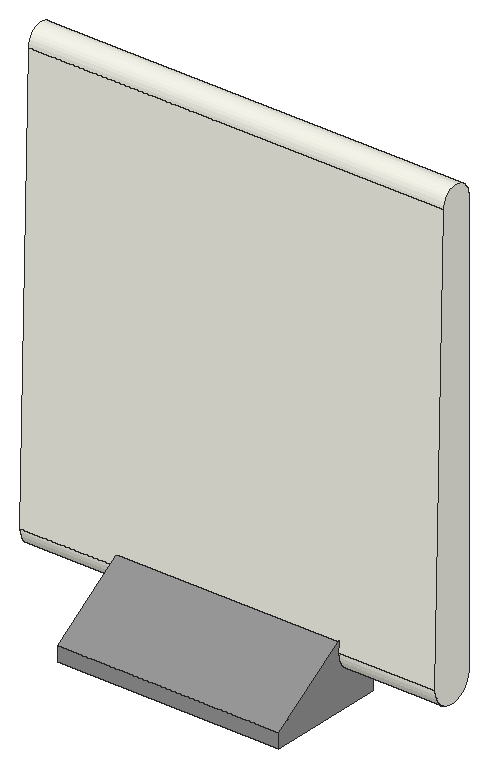
Revit family "KEUCO_34983010037", category Allgemeines Modell, Revit 2016
Family settings
  Teiletyp = Normal
  Kann Basisbauteil für Bewehrung sein = Nein
  Bemaßung runder Anschluss = Durchmesser verwenden
  Arbeitsebenenbasiert = Ja
  Immer vertikal = Nein
  Beim Laden mit Abzugskörper schneiden = Nein
  Gemeinsam genutzt = Nein
  Raumberechnungspunkt = Nein
Parameters (values of type "34983010038")
  Verwendung = "CA / DU"  # constant formula
  URL = "https://www.keuco.com/de/produkte/sortiment/artikel/?pid=34983&oid=3&pgo=18&country=de&lang=de&vid=34983010038"
  Default Elevation = 1219.2 mm
  Preisgruppe = ""
  Material Regal = Weiß (RAL 9010)
  Serie = "Plan"  # constant formula
  Materialien bei Hersteller anfragen = "Anfrage zu:  objektmanagement@keuco.de"
  Rahmen Material = Stahl, verchromt
  Länge = 450 mm
  Kategorie = "ACC"  # constant formula
  Hersteller = "KEUCO"  # constant formula
  Tiefe = 537 mm
  Gewicht = 0.522
  Beschreibung = "zur Wandmontage\r\nSoftsitz nach oben klappbar"
  Assembly Code = ""
  Ausschreibungstext = "KEUCO PLAN CARE Klappsitz 34983010038\r\nlichtgrauer (RAL 7035) Klappsitz \r\naus Polyurethan-Schaum, zur Wandmontage \r\nin ästhetischem, funktionalem Design, \r\nfür sicheres Sitzen im Duschbereich,\r\nWandhalter und Sitzträger als Design-Element hochglanzverchromt,\r\nantistatisch, leichte Reinigung ,\r\nkann mit max. 60%-igen Ethanol- \r\noder Propanol-Lösungen desinfiziert werden, \r\nandere Desinfektionsmittel empfehlen sich nicht,\r\nnach oben klappbarer Sitz belastbar bis 150 kg,\r\nBreite 450 mm, Länge der Sitzfläche 500 mm,\r\nAusladung 537 mm,\r\nDer Sitz wird verdeckt angebracht \r\n\r\nDas Befestigungsmaterial ist separat zu bestellen!\r\n\r\nZur Montage (je nach Ankergrund/Mauerwerk) \r\nunbedingt erforderlich:\r\n3 x Befestigungs-Set 3 (Artikel-Nr. 34992000100)\r\noder\r\n3 x Befestigungs-Set 6 (Artikel-Nr. 34992000200)\r\noder\r\n3 x Befestigungs-Set 9 (Artikel-Nr. 34995000200)\r\noder\r\n3 x Befestigungs-Set 11 (Artikel-Nr. 34997000100)"
  Artikelnummer = "34983010038"
Types (6, lengths in mm): name | URL | Material Regal | Materialien bei Hersteller anfragen | Rahmen Material | Ausschreibungstext | Artikelnummer
  34983010037 | "https://www.keuco.com/de/produkte/sortiment/artikel/?pid=34983&oid=3&pgo=18&country=de&lang=de&vid=34983010037" | Schwarzgrau | "Request to:  objektmanagement@keuco.de" | Stahl, verchromt | "KEUCO PLAN CARE Klappsitz 34983010037\r\nschwarzgrauer (RAL 7021) Klappsitz \r\naus Polyurethan-Schaum, zur Wandmontage \r\nin ästhetischem, funktionalem Design, \r\nfür sicheres Sitzen im Duschbereich,\r\nWandhalter und Sitzträger als Design-Element hochglanzverchromt,\r\nantistatisch, leichte Reinigung ,\r\nkann mit max. 60%-igen Ethanol- \r\noder Propanol-Lösungen desinfiziert werden, \r\nandere Desinfektionsmittel empfehlen sich nicht,\r\nnach oben klappbarer Sitz belastbar bis 150 kg,\r\nBreite 450 mm, Länge der Sitzfläche 500 mm,\r\nAusladung 537 mm,\r\nDer Sitz wird verdeckt angebracht \r\n\r\nDas Befestigungsmaterial ist separat zu bestellen!\r\n\r\nZur Montage (je nach Ankergrund/Mauerwerk) \r\nunbedingt erforderlich:\r\n3 x Befestigungs-Set 3 (Artikel-Nr. 34992000100)\r\noder\r\n3 x Befestigungs-Set 6 (Artikel-Nr. 34992000200)\r\noder\r\n3 x Befestigungs-Set 9 (Artikel-Nr. 34995000200)\r\noder\r\n3 x Befestigungs-Set 11 (Artikel-Nr. 34997000100)" | "34983010037"
  34983010038 | "https://www.keuco.com/de/produkte/sortiment/artikel/?pid=34983&oid=3&pgo=18&country=de&lang=de&vid=34983010038" | Weiß (RAL 9010) | "Anfrage zu:  objektmanagement@keuco.de" | Stahl, verchromt | "KEUCO PLAN CARE Klappsitz 34983010038\r\nlichtgrauer (RAL 7035) Klappsitz \r\naus Polyurethan-Schaum, zur Wandmontage \r\nin ästhetischem, funktionalem Design, \r\nfür sicheres Sitzen im Duschbereich,\r\nWandhalter und Sitzträger als Design-Element hochglanzverchromt,\r\nantistatisch, leichte Reinigung ,\r\nkann mit max. 60%-igen Ethanol- \r\noder Propanol-Lösungen desinfiziert werden, \r\nandere Desinfektionsmittel empfehlen sich nicht,\r\nnach oben klappbarer Sitz belastbar bis 150 kg,\r\nBreite 450 mm, Länge der Sitzfläche 500 mm,\r\nAusladung 537 mm,\r\nDer Sitz wird verdeckt angebracht \r\n\r\nDas Befestigungsmaterial ist separat zu bestellen!\r\n\r\nZur Montage (je nach Ankergrund/Mauerwerk) \r\nunbedingt erforderlich:\r\n3 x Befestigungs-Set 3 (Artikel-Nr. 34992000100)\r\noder\r\n3 x Befestigungs-Set 6 (Artikel-Nr. 34992000200)\r\noder\r\n3 x Befestigungs-Set 9 (Artikel-Nr. 34995000200)\r\noder\r\n3 x Befestigungs-Set 11 (Artikel-Nr. 34997000100)" | "34983010038"
  34983010051 | "https://www.keuco.com/de/produkte/sortiment/artikel/?pid=34983&oid=3&pgo=18&country=de&lang=de&vid=34983010051" | Weiß (RAL 9010) | "Request to:  objektmanagement@keuco.de" | Stahl, verchromt | "KEUCO PLAN CARE Klappsitz 34983010051\r\nweißer (RAL 9010) Klappsitz \r\naus Polyurethan-Schaum, zur Wandmontage \r\nin ästhetischem, funktionalem Design, \r\nfür sicheres Sitzen im Duschbereich,\r\nWandhalter und Sitzträger als Design-Element hochglanzverchromt,\r\nantistatisch, leichte Reinigung ,\r\nkann mit max. 60%-igen Ethanol- \r\noder Propanol-Lösungen desinfiziert werden, \r\nandere Desinfektionsmittel empfehlen sich nicht,\r\nnach oben klappbarer Sitz belastbar bis 150 kg,\r\nBreite 450 mm, Länge der Sitzfläche 500 mm,\r\nAusladung 537 mm,\r\nDer Sitz wird verdeckt angebracht \r\n\r\nDas Befestigungsmaterial ist separat zu bestellen!\r\n\r\nZur Montage (je nach Ankergrund/Mauerwerk) \r\nunbedingt erforderlich:\r\n3 x Befestigungs-Set 3 (Artikel-Nr. 34992000100)\r\noder\r\n3 x Befestigungs-Set 6 (Artikel-Nr. 34992000200)\r\noder\r\n3 x Befestigungs-Set 9 (Artikel-Nr. 34995000200)\r\noder\r\n3 x Befestigungs-Set 11 (Artikel-Nr. 34997000100)" | "34983010051"
  34983170037 | "https://www.keuco.com/de/produkte/sortiment/artikel/?pid=34983&oid=3&pgo=18&country=de&lang=de&vid=34983170037" | Schwarzgrau | "Request to:  objektmanagement@keuco.de" | Aluminium 1100-H18 | "KEUCO PLAN CARE Klappsitz 34983170037\r\nschwarzgrauer (RAL 7021) Klappsitz \r\naus Polyurethan-Schaum, zur Wandmontage \r\nin ästhetischem, funktionalem Design, \r\nfür sicheres Sitzen im Duschbereich,\r\nWandhalter und Sitzträger als Design-Element \r\naus lackiertem Aluminium,\r\nantistatisch, leichte Reinigung ,\r\nkann mit max. 60%-igen Ethanol- \r\noder Propanol-Lösungen desinfiziert werden, \r\nandere Desinfektionsmittel empfehlen sich nicht,\r\nnach oben klappbarer Sitz belastbar bis 150 kg,\r\nBreite 450 mm, Länge der Sitzfläche 500 mm,\r\nAusladung 537 mm,\r\nDer Sitz wird verdeckt angebracht \r\n\r\nDas Befestigungsmaterial ist separat zu bestellen!\r\n\r\nZur Montage (je nach Ankergrund/Mauerwerk) \r\nunbedingt erforderlich:\r\n3 x Befestigungs-Set 3 (Artikel-Nr. 34992000100)\r\noder\r\n3 x Befestigungs-Set 6 (Artikel-Nr. 34992000200)\r\noder\r\n3 x Befestigungs-Set 9 (Artikel-Nr. 34995000200)\r\noder\r\n3 x Befestigungs-Set 11 (Artikel-Nr. 34997000100)" | "34983170037"
  34983170038 | "https://www.keuco.com/de/produkte/sortiment/artikel/?pid=34983&oid=3&pgo=18&country=de&lang=de&vid=34983170038" | Lichtgrau (RAL 7035) | "Request to:  objektmanagement@keuco.de" | Aluminium 1100-H18 | "KEUCO PLAN CARE Klappsitz 34983170038\r\nlichtgrauer (RAL 7035) Klappsitz \r\naus Polyurethan-Schaum, zur Wandmontage \r\nin ästhetischem, funktionalem Design, \r\nfür sicheres Sitzen im Duschbereich,\r\nWandhalter und Sitzträger als Design-Element \r\naus lackiertem Aluminium,\r\nantistatisch, leichte Reinigung ,\r\nkann mit max. 60%-igen Ethanol- \r\noder Propanol-Lösungen desinfiziert werden, \r\nandere Desinfektionsmittel empfehlen sich nicht,\r\nnach oben klappbarer Sitz belastbar bis 150 kg,\r\nBreite 450 mm, Länge der Sitzfläche 500 mm,\r\nAusladung 537 mm,\r\nDer Sitz wird verdeckt angebracht \r\n\r\nDas Befestigungsmaterial ist separat zu bestellen!\r\n\r\nZur Montage (je nach Ankergrund/Mauerwerk) \r\nunbedingt erforderlich:\r\n3 x Befestigungs-Set 3 (Artikel-Nr. 34992000100)\r\noder\r\n3 x Befestigungs-Set 6 (Artikel-Nr. 34992000200)\r\noder\r\n3 x Befestigungs-Set 9 (Artikel-Nr. 34995000200)\r\noder\r\n3 x Befestigungs-Set 11 (Artikel-Nr. 34997000100)" | "34983170038"
  34983170051 | "https://www.keuco.com/de/produkte/sortiment/artikel/?pid=34983&oid=3&pgo=18&country=de&lang=de&vid=34983170051" | Lichtgrau (RAL 7035) | "Request to:  objektmanagement@keuco.de" | Aluminium 1100-H18 | "KEUCO PLAN CARE Klappsitz 34983170051\r\nweißer (RAL 9010) Klappsitz \r\naus Polyurethan-Schaum, zur Wandmontage \r\nin ästhetischem, funktionalem Design, \r\nfür sicheres Sitzen im Duschbereich,\r\nWandhalter und Sitzträger als Design-Element \r\naus lackiertem Aluminium,\r\nantistatisch, leichte Reinigung ,\r\nkann mit max. 60%-igen Ethanol- \r\noder Propanol-Lösungen desinfiziert werden, \r\nandere Desinfektionsmittel empfehlen sich nicht,\r\nnach oben klappbarer Sitz belastbar bis 150 kg,\r\nBreite 450 mm, Länge der Sitzfläche 500 mm,\r\nAusladung 537 mm,\r\nDer Sitz wird verdeckt angebracht \r\n\r\nDas Befestigungsmaterial ist separat zu bestellen!\r\n\r\nZur Montage (je nach Ankergrund/Mauerwerk) \r\nunbedingt erforderlich:\r\n3 x Befestigungs-Set 3 (Artikel-Nr. 34992000100)\r\noder\r\n3 x Befestigungs-Set 6 (Artikel-Nr. 34992000200)\r\noder\r\n3 x Befestigungs-Set 9 (Artikel-Nr. 34995000200)\r\noder\r\n3 x Befestigungs-Set 11 (Artikel-Nr. 34997000100)" | "34983170051"
Reference planes
  plane 1 "Center (Front/Back)": y = 0
  plane 2: z = 0
  plane 3 "Center (Left/Right)": x = 0
  plane 4: x = -225
  plane 5: x = 225
  plane 6: z = 537
Forms (mm)
  Extrusion 1, solid, material "Stahl, verchromt" <- "Rahmen Material"
    sketch origin (0, 0, 0) x (0, 1, 0) y (0, 0, 1)
      loop
        line (2.391, 0) -> (2.391, 65)
        arc (2.391, 65) -> (-6.575, 81.492) -> (-25.34, 80.969) r 17.947
        line (-25.34, 80.969) -> (-125.6, 15.534) -> (-125.6, 0) -> (2.391, 0)
    from -120.264 to 119.833
  Extrusion 2, solid, material "Weiß (RAL 9010)" <- "Material Regal"
    sketch origin (0, 0, 0) x (0, 1, 0) y (0, 0, 1)
      loop
        arc (0, 520.125) -> (-17.075, 536.681) -> (-33.095, 519.103) r 16.563
        line (-33.095, 519.103) -> (-45, 57)
        arc (-45, 57) -> (-22.5, 34.5) -> (0, 57) r 22.5
        line (0, 57) -> (0, 520.125)
    from -225 to 225
Lines and regions (mm)
  symbolic lines, style "GenericModel"
    curve 1: line (-225, 0, 536.688) -> (225, 0, 536.688)
    curve 2: line (-225, 0, 34.5) -> (-225, 0, 536.688)
    curve 3: line (-160.264, 0, 34.5) -> (-225, 0, 34.5)
    curve 4: line (225, 0, 536.688) -> (225, 0, 34.5)
    curve 9: line (225, 0, 34.5) -> (159.833, 0, 34.5)
  symbolic lines, style "GenericModel", detail levels fine
    curve 5: line (-160.264, 0, 65) -> (159.833, 0, 65)
    curve 6: line (-160.264, 0, 0) -> (-160.264, 0, 65)
    curve 7: line (159.833, 0, 0) -> (-160.264, 0, 0)
    curve 8: line (159.833, 0, 65) -> (159.833, 0, 0)
  symbolic lines, style "GenericModel", detail levels coarse+medium
    curve 10: line (-160.264, 0, 34.5) -> (159.833, 0, 34.5)
Dimensions and locks
  Extrusion 1 to plane 3 "Center (Left/Right)" to Extrusion 1 = 120.264 mm, 119.833 mm
  equal spacing: plane 5, plane 3 "Center (Left/Right)", plane 4
  "Länge": plane 5 to plane 4
  "Tiefe": plane 6 to level
  aligned and locked: level to plane 2
Automatic sketch dimensions
  Extrusion 2 sketch curve to plane 6 = 17.897 mm
  Extrusion 2 sketch curve to plane 1 "Center (Front/Back)" = 0 mm
  plane 1 "Center (Front/Back)" to Extrusion 2 sketch curve = 16.563 mm
  plane 1 "Center (Front/Back)" to Extrusion 2 sketch curve = 22.5 mm
  level to Extrusion 2 sketch curve = 57 mm
  Extrusion 1 sketch curve to level = 0 mm
  plane 1 "Center (Front/Back)" to Extrusion 1 sketch curve = 125.6 mm
  plane 1 "Center (Front/Back)" to Extrusion 1 sketch curve = 15.531 mm
  Extrusion 1 sketch curve to plane 1 "Center (Front/Back)" = 2.391 mm
  level to Extrusion 1 sketch curve = 15.534 mm
  level to Extrusion 1 sketch curve = 65 mm
  Extrusion 1 sketch curve to Extrusion 1 sketch curve = 0.94 mm
  Extrusion 1 sketch curve to Extrusion 1 sketch curve = 9.809 mm
  curve 7 to level = 0 mm
  plane 4 to curve 7 = 64.736 mm
  curve 5 to plane 5 = 65.167 mm
  level to curve 3 = 34.5 mm
  level to curve 4 = 34.5 mm
  curve 9 to curve 5 = 30.5 mm
  curve 2 to plane 6 = 0.312 mm
  curve 10 to curve 3 = 0 mm  (x2)
  curve 2 to plane 4 = 0 mm
  curve 9 to plane 5 = 0 mm
  curve 5 to curve 3 = 0 mm
  curve 5 to curve 9 = 0 mm
  curve 10 to curve 9 = 0 mm
